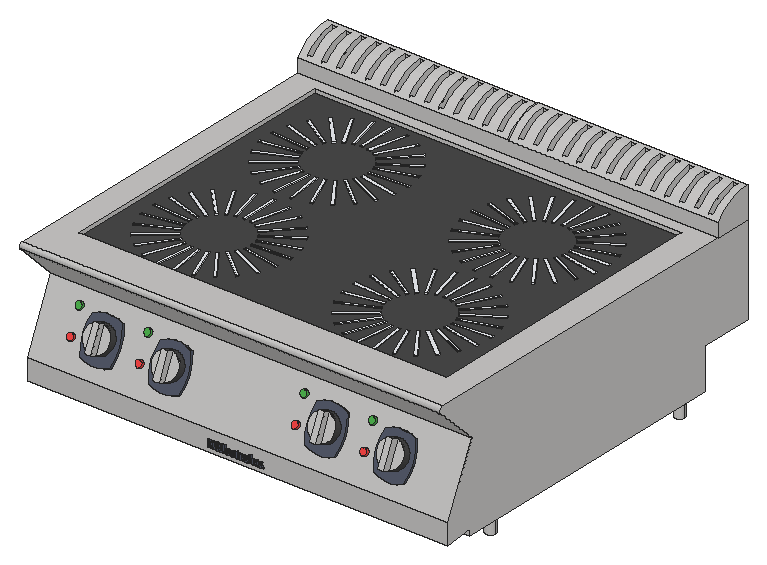
Revit family "QF_ELECTROLUXPROFESSIONAL_371132_E7INEH400N", category Specialty Equipment, Revit 2018
Family settings
  Round Connector Dimension = Use Diameter
  Part Type = Normal
  Work Plane-Based = No
  Always vertical = Yes
  Cut with Voids When Loaded = No
  Shared = No
  Room Calculation Point = No
Parameters
  Width = 800 mm  # constant formula
  Weight in Pounds = 88  # constant formula
  Watts = 14000 VA  # 14000 W
  Volts = 230 V  # constant formula
  URL Cutsheet = "www.electrolux.com/foodservice"
  URL = "www.electrolux.com/foodservice"
  Type Mark [instance] = ""
  Status [instance] = ""
  Specification by User [instance] = ""
  Specification by Manufacturer = ""
  Show Logo [instance] = yes
  Show Clearance [instance] = yes
  Serial Number = ""
  Seismic Rating = ""
  SMACNA No = ""
  Revision Code [instance] = ""
  Phase = 3  # constant formula
  Omniclass Number and Title = ""
  Number of Poles [instance] = 1
  NAFEM Spec ID Number = ""
  Model = "371132"
  Min Ckt Ampacity = 0 A
  Max Overcurrent Protection = 0 A
  Masterspec = ""
  Manufacturer = "ELECTROLUX"
  Item Number [instance] = ""
  Installed By [instance] = ""
  Identify Quantity as Lot [instance] = yes
  Height = 332 mm  # constant formula
  HP = "18.8 HP"
  Furnished By [instance] = ""
  Foodservice Equipment Identifier [instance] = yes
  FL Amps = if(Phase = 3, Watts / (Volts * 1.73), Watts / Volts)  # 35.1847 A
  Electrical Remarks [instance] = "230 V/3 ph/50/60 Hz"  # constant formula
  Electric Connection Type [instance] = ""
  Elec Conn RI Height [instance] = 0 mm
  Elec Conn Connection Height [instance] = 0 mm
  Direct Waste Size = 0"
  Description = "700XP 4 Zone Hot Plate Electric Induction Cooking Top Range - 230V"
  Depth = 730 mm  # constant formula
  Cycle = if([60 Hertz Option], 60 Hz, 50 Hz)  # 60 Hz
  Conn Plug = ""
  Conn Conduit = yes
  CSI MasterFormat = ""
  CSI Master Format = ""
  Base Height [instance] = 24 mm  # constant formula
  Apparent Power = if(Phase = 3, Volts * FL Amps * 1.73, Volts * FL Amps)  # 14000 VA
  60 Hertz Option = not([50 Hertz Option])  # yes
  50 Hertz Option = no
Reference planes
  plane 1 "BACK": y = 0
  plane 2: z = 0
  plane 3 "LEFT": x = 0
  plane 4 "RIGHT": x = 800
  plane 5 "FRONT": y = -730
  plane 6 "TOP": z = 332
  plane 7 "Center Y": x = 400
  plane 8 "Center X": y = -365
  plane 9 "BASE": z = 24
  plane 10 "TOP A": z = 273.238
  plane 11: y = -597.884
  plane 12: y = -147.637
Forms (mm)
  Extrusion 1, solid, material "QF_Finishes_Stainless Steel"
    sketch origin (0, 0, 0) x (0, 1, 0) y (0, 0, 1)
      loop
        line (0, 273.237) -> (-725.027, 273.237)
        arc (-725.027, 273.237) -> (-730.893, 269.318) -> (-729.517, 262.397) r 6.35
        line (-729.517, 262.397) -> (-657.416, 190.047) -> (-713.522, 69.19) -> (-713.522, 31.09) -> (-660.4, 36.7) -> (-660.4, 24) -> (-101.6, 24) -> (-101.6, 101.788) -> (0, 101.788) -> (0, 273.237)
    from 0 to 800
  Extrusion 2, void
    sketch origin (0, 0, 273.238) x (-1, 0, 0) y (0, -1, 0)
      loop
        line (-50, 93.262) -> (-50, 653.262) -> (-750, 653.262) -> (-750, 93.262) -> (-50, 93.262)
    from 0 to -6.35
  Extrusion 3, solid, material "QF_Finishes_Stainless Steel"
    sketch origin (0, 0, 0) x (1, 0, 0) y (0, 1, 0)
      loop
        circle (11.112, -147.638) r 9.525
      loop
        circle (11.112, -597.884) r 9.525
      loop
        circle (788.887, -147.638) r 9.525
      loop
        circle (788.887, -597.884) r 9.525
    from 0 to 24
  Extrusion 4, solid, material "QF_Finishes_Navy Blue"
    sketch origin (-40.325, -713.522, 69.19) x (0, 0.421077, 0.907025) y (-1, 0, 0)
      loop
        arc (101.077, -132.565) -> (66.2, -125.548) -> (31.333, -132.61) r 89.894
        arc (31.333, -132.61) -> (24.638, -161.14) -> (31.333, -189.671) r 64.14
        arc (31.333, -189.671) -> (66.2, -196.736) -> (101.077, -189.715) r 89.853
        arc (101.077, -189.715) -> (107.792, -161.14) -> (101.077, -132.565) r 64.16
    from 0 to 3.175
  Extrusion 5, solid, material "QF_Finishes_Stainless Steel"
    sketch origin (-40.325, -716.402, 70.527) x (0, 0.421077, 0.907025) y (-1, 0, 0)
      loop
        circle (68.826, -160.963) r 25.4
    from 0 to 12.7
  Extrusion 6, solid, material "QF_Finishes_Stainless Steel"
    sketch origin (-40.325, -727.921, 75.875) x (0, 0.421077, 0.907025) y (-1, 0, 0)
      loop
        arc (93.558, -166.749) -> (94.226, -160.963) -> (93.558, -155.177) r 25.4
        line (93.558, -155.177) -> (44.094, -155.177)
        arc (44.094, -155.177) -> (43.426, -160.963) -> (44.094, -166.749) r 25.4
        line (44.094, -166.749) -> (93.558, -166.749)
    from 0 to 12.7
  Extrusion 7, solid, material "QF_Finishes_Green"
    sketch origin (-95, -709.311, 78.261) x (0, 0.421077, 0.907025) y (-1, 0, 0)
      loop
        circle (93.566, -160.648) r 6.35
    from 0 to 3.175
  Extrusion 8, solid, material "QF_Finishes_Red"
    sketch origin (-95, -719.312, 56.719) x (0, 0.421077, 0.907025) y (-1, 0, 0)
      loop
        circle (68.272, -160.648) r 6.4
    from 0 to 3.175
  Extrusion 9, solid, material "QF_Finishes_Stainless Steel"
    sketch origin (0, -101.6, 101.788) x (0, 0, -1) y (-1, 0, 0)
      loop
        circle (43.882, -736.5) r 12.7
    from 0 to 12.7
  Extrusion 10, solid, material "QF_Finishes_Clearance", visible <- "Show Clearance", detail levels coarse
    sketch origin (0, 0, 0) x (1, 0, 0) y (0, 1, 0)
      loop
        line (0, -731.377) -> (0, 0) -> (800, 0) -> (800, -731.377) -> (950.019, -731.377) -> (950.019, 150.019) -> (-150.019, 150.019) -> (-150.019, -731.377) -> (0, -731.377)
    from 0 to 332
  Extrusion 11, solid, material "QF_Finishes_Stainless Steel"
    sketch origin (0, 0, -1.4) x (0, 1, 0) y (0, 0, 1)
      loop
        line (0, 274.638) -> (0, 333.375)
        arc (0, 333.375) -> (-38.879, 324.991) -> (-69.85, 300.038) r 86.156
        line (-69.85, 300.038) -> (-69.85, 274.638) -> (0, 274.638)
    from 0 to 800.1
  Extrusion 12, void
    sketch origin (0, 0, 273.238) x (-1, 0, 0) y (0, -1, 0)
      loop
        line (-13.453, 6.761) -> (-13.453, 63.911) -> (-22.749, 63.911) -> (-22.749, 6.761) -> (-13.453, 6.761)
    from 25.4 to 63.5
  Extrusion 13, void
    sketch origin (361.95, 0, 273.238) x (-1, 0, 0) y (0, -1, 0)
      loop
        line (-13.453, 6.761) -> (-13.453, 63.911) -> (-22.749, 63.911) -> (-22.749, 6.761) -> (-13.453, 6.761)
    from 25.4 to 63.5
  Extrusion 14, void
    sketch origin (27.842, 0, 273.238) x (-1, 0, 0) y (0, -1, 0)
      loop
        line (-13.453, 6.761) -> (-13.453, 63.911) -> (-22.749, 63.911) -> (-22.749, 6.761) -> (-13.453, 6.761)
    from 25.4 to 63.5
  Extrusion 15, void
    sketch origin (55.685, 0, 273.238) x (-1, 0, 0) y (0, -1, 0)
      loop
        line (-13.453, 6.761) -> (-13.453, 63.911) -> (-22.749, 63.911) -> (-22.749, 6.761) -> (-13.453, 6.761)
    from 25.4 to 63.5
  Extrusion 16, void
    sketch origin (83.527, 0, 273.238) x (-1, 0, 0) y (0, -1, 0)
      loop
        line (-13.453, 6.761) -> (-13.453, 63.911) -> (-22.749, 63.911) -> (-22.749, 6.761) -> (-13.453, 6.761)
    from 25.4 to 63.5
  Extrusion 17, void
    sketch origin (111.369, 0, 273.238) x (-1, 0, 0) y (0, -1, 0)
      loop
        line (-13.453, 6.761) -> (-13.453, 63.911) -> (-22.749, 63.911) -> (-22.749, 6.761) -> (-13.453, 6.761)
    from 25.4 to 63.5
  Extrusion 18, void
    sketch origin (139.212, 0, 273.238) x (-1, 0, 0) y (0, -1, 0)
      loop
        line (-13.453, 6.761) -> (-13.453, 63.911) -> (-22.749, 63.911) -> (-22.749, 6.761) -> (-13.453, 6.761)
    from 25.4 to 63.5
  Extrusion 19, void
    sketch origin (167.054, 0, 273.238) x (-1, 0, 0) y (0, -1, 0)
      loop
        line (-13.453, 6.761) -> (-13.453, 63.911) -> (-22.749, 63.911) -> (-22.749, 6.761) -> (-13.453, 6.761)
    from 25.4 to 63.5
  Extrusion 20, void
    sketch origin (194.896, 0, 273.238) x (-1, 0, 0) y (0, -1, 0)
      loop
        line (-13.453, 6.761) -> (-13.453, 63.911) -> (-22.749, 63.911) -> (-22.749, 6.761) -> (-13.453, 6.761)
    from 25.4 to 63.5
  Extrusion 21, void
    sketch origin (222.738, 0, 273.238) x (-1, 0, 0) y (0, -1, 0)
      loop
        line (-13.453, 6.761) -> (-13.453, 63.911) -> (-22.749, 63.911) -> (-22.749, 6.761) -> (-13.453, 6.761)
    from 25.4 to 63.5
  Extrusion 22, void
    sketch origin (250.581, 0, 273.238) x (-1, 0, 0) y (0, -1, 0)
      loop
        line (-13.453, 6.761) -> (-13.453, 63.911) -> (-22.749, 63.911) -> (-22.749, 6.761) -> (-13.453, 6.761)
    from 25.4 to 63.5
  Extrusion 23, void
    sketch origin (278.423, 0, 273.238) x (-1, 0, 0) y (0, -1, 0)
      loop
        line (-13.453, 6.761) -> (-13.453, 63.911) -> (-22.749, 63.911) -> (-22.749, 6.761) -> (-13.453, 6.761)
    from 25.4 to 63.5
  Extrusion 24, void
    sketch origin (306.265, 0, 273.238) x (-1, 0, 0) y (0, -1, 0)
      loop
        line (-13.453, 6.761) -> (-13.453, 63.911) -> (-22.749, 63.911) -> (-22.749, 6.761) -> (-13.453, 6.761)
    from 25.4 to 63.5
  Extrusion 25, void
    sketch origin (334.108, 0, 273.238) x (-1, 0, 0) y (0, -1, 0)
      loop
        line (-13.453, 6.761) -> (-13.453, 63.911) -> (-22.749, 63.911) -> (-22.749, 6.761) -> (-13.453, 6.761)
    from 25.4 to 63.5
  Extrusion 26, void
    sketch origin (800.1, 0, 273.238) x (1, 0, 0) y (0, 1, 0)
      loop
        line (-13.453, -6.761) -> (-22.749, -6.761) -> (-22.749, -63.911) -> (-13.453, -63.911) -> (-13.453, -6.761)
    from 25.4 to 63.5
  Extrusion 27, void
    sketch origin (438.15, 0, 273.238) x (1, 0, 0) y (0, 1, 0)
      loop
        line (-13.453, -6.761) -> (-22.749, -6.761) -> (-22.749, -63.911) -> (-13.453, -63.911) -> (-13.453, -6.761)
    from 25.4 to 63.5
  Extrusion 28, void
    sketch origin (772.258, 0, 273.238) x (1, 0, 0) y (0, 1, 0)
      loop
        line (-13.453, -6.761) -> (-22.749, -6.761) -> (-22.749, -63.911) -> (-13.453, -63.911) -> (-13.453, -6.761)
    from 25.4 to 63.5
  Extrusion 29, void
    sketch origin (744.415, 0, 273.238) x (1, 0, 0) y (0, 1, 0)
      loop
        line (-13.453, -6.761) -> (-22.749, -6.761) -> (-22.749, -63.911) -> (-13.453, -63.911) -> (-13.453, -6.761)
    from 25.4 to 63.5
  Extrusion 30, void
    sketch origin (716.573, 0, 273.238) x (1, 0, 0) y (0, 1, 0)
      loop
        line (-13.453, -6.761) -> (-22.749, -6.761) -> (-22.749, -63.911) -> (-13.453, -63.911) -> (-13.453, -6.761)
    from 25.4 to 63.5
  Extrusion 31, void
    sketch origin (688.731, 0, 273.238) x (1, 0, 0) y (0, 1, 0)
      loop
        line (-13.453, -6.761) -> (-22.749, -6.761) -> (-22.749, -63.911) -> (-13.453, -63.911) -> (-13.453, -6.761)
    from 25.4 to 63.5
  Extrusion 32, void
    sketch origin (660.888, 0, 273.238) x (1, 0, 0) y (0, 1, 0)
      loop
        line (-13.453, -6.761) -> (-22.749, -6.761) -> (-22.749, -63.911) -> (-13.453, -63.911) -> (-13.453, -6.761)
    from 25.4 to 63.5
  Extrusion 33, void
    sketch origin (633.046, 0, 273.238) x (1, 0, 0) y (0, 1, 0)
      loop
        line (-13.453, -6.761) -> (-22.749, -6.761) -> (-22.749, -63.911) -> (-13.453, -63.911) -> (-13.453, -6.761)
    from 25.4 to 63.5
  Extrusion 34, void
    sketch origin (605.204, 0, 273.238) x (1, 0, 0) y (0, 1, 0)
      loop
        line (-13.453, -6.761) -> (-22.749, -6.761) -> (-22.749, -63.911) -> (-13.453, -63.911) -> (-13.453, -6.761)
    from 25.4 to 63.5
  Extrusion 35, void
    sketch origin (577.362, 0, 273.238) x (1, 0, 0) y (0, 1, 0)
      loop
        line (-13.453, -6.761) -> (-22.749, -6.761) -> (-22.749, -63.911) -> (-13.453, -63.911) -> (-13.453, -6.761)
    from 25.4 to 63.5
  Extrusion 36, void
    sketch origin (549.519, 0, 273.238) x (1, 0, 0) y (0, 1, 0)
      loop
        line (-13.453, -6.761) -> (-22.749, -6.761) -> (-22.749, -63.911) -> (-13.453, -63.911) -> (-13.453, -6.761)
    from 25.4 to 63.5
  Extrusion 37, void
    sketch origin (521.677, 0, 273.238) x (1, 0, 0) y (0, 1, 0)
      loop
        line (-13.453, -6.761) -> (-22.749, -6.761) -> (-22.749, -63.911) -> (-13.453, -63.911) -> (-13.453, -6.761)
    from 25.4 to 63.5
  Extrusion 38, void
    sketch origin (493.835, 0, 273.238) x (1, 0, 0) y (0, 1, 0)
      loop
        line (-13.453, -6.761) -> (-22.749, -6.761) -> (-22.749, -63.911) -> (-13.453, -63.911) -> (-13.453, -6.761)
    from 25.4 to 63.5
  Extrusion 39, void
    sketch origin (465.992, 0, 273.238) x (1, 0, 0) y (0, 1, 0)
      loop
        line (-13.453, -6.761) -> (-22.749, -6.761) -> (-22.749, -63.911) -> (-13.453, -63.911) -> (-13.453, -6.761)
    from 25.4 to 63.5
  Extrusion 40, void
    sketch origin (418.151, 0, 273.238) x (1, 0, 0) y (0, 1, 0)
      loop
        line (-16.513, 0) -> (-19.688, 0) -> (-19.688, -69.85) -> (-16.513, -69.85) -> (-16.513, 0)
    from 25.4 to 63.5
  Extrusion 41, solid, material "QF_Finishes_Navy Blue", visible <- "Show Logo"
    sketch origin (57.747, -713.772, 32.49) x (0, 0, 1) y (-1, 0, 0)
      loop
        line (20.674, -296.698) -> (8.307, -296.698)
        arc (8.307, -296.698) -> (14.491, -301.27) -> (20.674, -296.698) r 6.467
      loop
        arc (20.674, -296.069) -> (19.505, -290.926) -> (14.849, -288.448) r 6.338
        line (14.849, -288.448) -> (14.849, -290.494)
        arc (14.849, -290.494) -> (16.333, -294.149) -> (19.778, -296.069) r 5.941
        line (19.778, -296.069) -> (20.674, -296.069)
      loop
        arc (9.203, -296.069) -> (12.648, -294.149) -> (14.132, -290.494) r 5.941
        line (14.132, -290.494) -> (14.132, -288.448)
        arc (14.132, -288.448) -> (9.438, -290.922) -> (8.148, -296.069) r 6.504
        line (8.148, -296.069) -> (9.203, -296.069)
      loop
        line (21.349, -287.979) -> (7.604, -287.979) -> (7.604, -301.742) -> (21.349, -301.742) -> (21.349, -287.979)
      loop
        arc (21.432, -304.71) -> (21.085, -304.352) -> (20.718, -304.69) r 0.358
        arc (20.718, -304.69) -> (20.404, -305.44) -> (19.687, -305.825) r 1.216
        line (19.687, -305.825) -> (9.274, -305.825)
        arc (9.274, -305.825) -> (8.614, -305.548) -> (8.218, -304.951) r 1.238
        arc (8.218, -304.951) -> (7.823, -304.7) -> (7.518, -305.054) r 0.358
        line (7.518, -305.054) -> (7.518, -314.933) -> (10.269, -314.933) -> (10.269, -314.036)
        arc (10.269, -314.036) -> (9.36, -313.456) -> (8.904, -312.479) r 1.928
        line (8.904, -312.479) -> (8.904, -309.98)
        arc (8.904, -309.98) -> (9.18, -309.251) -> (9.868, -308.887) r 1.101
        line (9.868, -308.887) -> (13.955, -308.887) -> (13.955, -312.561)
        arc (13.955, -312.561) -> (13.602, -313.058) -> (13.037, -313.286) r 1.083
        arc (13.037, -313.286) -> (12.773, -313.591) -> (13.065, -313.869) r 0.292
        line (13.065, -313.869) -> (16.028, -313.869)
        arc (16.028, -313.869) -> (16.33, -313.596) -> (16.092, -313.266) r 0.305
        arc (16.092, -313.266) -> (15.601, -313.018) -> (15.296, -312.561) r 1.083
        line (15.296, -312.561) -> (15.296, -308.887) -> (19.973, -308.887) -> (19.973, -312.635)
        arc (19.973, -312.635) -> (19.759, -313.39) -> (19.153, -313.888) r 1.314
        arc (19.153, -313.888) -> (18.934, -314.292) -> (19.288, -314.585) r 0.361
        line (19.288, -314.585) -> (21.432, -314.585) -> (21.432, -304.71)
      loop
        arc (20.715, -315.365) -> (20.335, -316.284) -> (19.416, -316.664) r 1.299
        line (19.416, -316.664) -> (9.837, -316.664)
        arc (9.837, -316.664) -> (8.999, -316.286) -> (8.728, -315.408) r 1.118
        line (8.728, -315.408) -> (7.518, -315.408) -> (7.518, -320.758) -> (8.706, -320.758)
        arc (8.706, -320.758) -> (8.978, -319.841) -> (9.848, -319.445) r 1.153
        line (9.848, -319.445) -> (21.92, -319.445) -> (20.715, -315.365)
      loop
        line (12.483, -323.394) -> (12.483, -329.842) -> (13.282, -329.842)
        arc (13.282, -329.842) -> (15.862, -328.857) -> (17.131, -326.404) r 3.874
        line (17.131, -326.404) -> (17.131, -324.643)
        arc (17.131, -324.643) -> (15.944, -321.778) -> (13.08, -320.592) r 4.051
        line (13.08, -320.592) -> (11.072, -320.592)
        arc (11.072, -320.592) -> (8.253, -322.077) -> (7.202, -325.084) r 4.352
        arc (7.202, -325.084) -> (7.566, -327.547) -> (8.943, -329.621) r 5.713
        line (8.943, -329.621) -> (9.892, -329.621)
        arc (9.892, -329.621) -> (9.16, -328.052) -> (8.943, -326.334) r 5.579
        arc (8.943, -326.334) -> (9.737, -324.371) -> (11.616, -323.394) r 3.057
        line (11.616, -323.394) -> (12.483, -323.394)
      loop
        line (13.742, -323.394) -> (13.742, -326.977)
        arc (13.742, -326.977) -> (15.199, -327.024) -> (16.082, -325.864) r 1.59
        line (16.082, -325.864) -> (16.082, -325.034)
        arc (16.082, -325.034) -> (15.217, -323.779) -> (13.742, -323.394) r 2.184
      loop
        arc (16.533, -339.259) -> (17.022, -337.585) -> (17.179, -335.848) r 9.023
        line (17.179, -335.848) -> (17.179, -334.486)
        arc (17.179, -334.486) -> (16.02, -331.686) -> (13.22, -330.527) r 3.959
        line (13.22, -330.527) -> (10.62, -330.527)
        arc (10.62, -330.527) -> (8.338, -331.819) -> (7.221, -334.192) r 4.331
        line (7.221, -334.192) -> (7.221, -336.327)
        arc (7.221, -336.327) -> (7.729, -337.877) -> (8.651, -339.223) r 5.772
        arc (8.651, -339.223) -> (9.412, -339.274) -> (9.499, -338.515) r 0.553
        arc (9.499, -338.515) -> (9.111, -337.781) -> (8.977, -336.962) r 2.573
        line (8.977, -336.962) -> (8.977, -335.447)
        arc (8.977, -335.447) -> (9.983, -333.806) -> (11.798, -333.163) r 2.884
        line (11.798, -333.163) -> (13.077, -333.163)
        arc (13.077, -333.163) -> (14.898, -333.723) -> (15.824, -335.388) r 2.554
        line (15.824, -335.388) -> (15.824, -336.441)
        arc (15.824, -336.441) -> (15.493, -337.369) -> (14.836, -338.104) r 2.564
        arc (14.836, -338.104) -> (14.614, -338.821) -> (15.223, -339.259) r 0.643
        line (15.223, -339.259) -> (16.533, -339.259)
      loop
        line (15.515, -339.53) -> (15.515, -341.031) -> (9.467, -341.031)
        arc (9.467, -341.031) -> (7.879, -341.688) -> (7.221, -343.276) r 2.246
        line (7.221, -343.276) -> (7.221, -344.86)
        arc (7.221, -344.86) -> (7.535, -345.725) -> (8.035, -346.496) r 4.06
        arc (8.035, -346.496) -> (8.768, -346.629) -> (9.019, -345.928) r 0.576
        arc (9.019, -345.928) -> (8.913, -345.403) -> (8.977, -344.87) r 1.69
        arc (8.977, -344.87) -> (9.519, -344.082) -> (10.425, -343.779) r 1.506
        line (10.425, -343.779) -> (15.563, -343.779) -> (15.563, -346.176) -> (16.119, -346.733) -> (16.941, -346.733) -> (16.941, -343.873) -> (20.172, -343.873) -> (15.515, -339.53)
      loop
        line (7.438, -347.63) -> (7.438, -353.017) -> (8.548, -353.017)
        arc (8.548, -353.017) -> (8.942, -352.066) -> (9.893, -351.672) r 1.345
        line (9.893, -351.672) -> (13.509, -351.672)
        arc (13.509, -351.672) -> (14.274, -352.264) -> (14.564, -353.186) r 1.615
        line (14.564, -353.186) -> (14.564, -354.742) -> (17.119, -355.427) -> (17.119, -354.044) -> (15.177, -351.485) -> (17.057, -351.485) -> (16.773, -348.779)
        arc (16.773, -348.779) -> (16.333, -348.249) -> (15.674, -348.45) r 0.621
        arc (15.674, -348.45) -> (15.274, -348.792) -> (14.78, -348.975) r 1.501
        line (14.78, -348.975) -> (9.893, -348.975)
        arc (9.893, -348.975) -> (8.942, -348.581) -> (8.548, -347.63) r 1.345
        line (8.548, -347.63) -> (7.438, -347.63)
      loop
        line (13.54, -354.964) -> (10.848, -354.964)
        arc (10.848, -354.964) -> (8.403, -356.272) -> (7.269, -358.803) r 4.288
        arc (7.269, -358.803) -> (7.205, -360.183) -> (7.269, -361.563) r 15.022
        arc (7.269, -361.563) -> (8.403, -364.094) -> (10.848, -365.401) r 4.288
        line (10.848, -365.401) -> (13.54, -365.401)
        arc (13.54, -365.401) -> (15.986, -364.094) -> (17.119, -361.563) r 4.288
        arc (17.119, -361.563) -> (17.183, -360.183) -> (17.119, -358.803) r 15.022
        arc (17.119, -358.803) -> (15.986, -356.272) -> (13.54, -354.964) r 4.288
      loop
        line (13.745, -358.078) -> (10.643, -358.078)
        arc (10.643, -358.078) -> (8.486, -360.235) -> (10.643, -362.392) r 2.157
        line (10.643, -362.392) -> (13.745, -362.392)
        arc (13.745, -362.392) -> (15.902, -360.235) -> (13.745, -358.078) r 2.157
      loop
        arc (20.726, -365.26) -> (20.355, -366.154) -> (19.461, -366.524) r 1.264
        line (19.461, -366.524) -> (9.597, -366.524)
        arc (9.597, -366.524) -> (8.727, -366.127) -> (8.455, -365.211) r 1.153
        line (8.455, -365.211) -> (7.518, -365.211) -> (7.518, -370.319) -> (8.446, -370.319)
        arc (8.446, -370.319) -> (8.805, -369.547) -> (9.597, -369.232) r 1.153
        line (9.597, -369.232) -> (21.92, -369.232) -> (20.726, -365.26)
      loop
        arc (15.846, -369.857) -> (15.647, -370.921) -> (14.678, -371.403) r 1.215
        line (14.678, -371.403) -> (9.658, -371.403)
        arc (9.658, -371.403) -> (8.043, -372.051) -> (7.322, -373.634) r 2.338
        line (7.322, -373.634) -> (7.322, -375.148)
        arc (7.322, -375.148) -> (7.497, -376.152) -> (7.999, -377.038) r 2.979
        line (7.999, -377.038) -> (7.518, -378.835) -> (7.518, -380.524) -> (16.943, -380.524) -> (16.649, -376.32) -> (15.863, -376.32)
        arc (15.863, -376.32) -> (15.507, -377.156) -> (14.755, -377.665) r 1.605
        line (14.755, -377.665) -> (9.652, -377.665)
        arc (9.652, -377.665) -> (9.232, -376.728) -> (9.159, -375.704) r 2.94
        arc (9.159, -375.704) -> (9.72, -374.603) -> (10.873, -374.16) r 1.724
        line (10.873, -374.16) -> (17.07, -374.16) -> (15.846, -369.857)
      loop
        line (16.874, -381.377) -> (15.202, -383.423) -> (12.028, -385.729) -> (8.572, -382.617)
        arc (8.572, -382.617) -> (8.335, -382.223) -> (8.357, -381.764) r 0.789
        line (8.357, -381.764) -> (7.518, -381.764) -> (7.518, -385.309) -> (8.344, -385.309)
        arc (8.344, -385.309) -> (8.686, -384.947) -> (9.176, -385.039) r 0.52
        line (9.176, -385.039) -> (10.976, -386.51) -> (8.858, -387.886)
        arc (8.858, -387.886) -> (8.457, -387.576) -> (8.37, -387.076) r 0.7
        line (8.37, -387.076) -> (7.518, -387.076) -> (7.518, -393.003) -> (8.405, -393.003)
        arc (8.405, -393.003) -> (8.472, -392.344) -> (8.866, -391.813) r 1.247
        line (8.866, -391.813) -> (13.066, -388.532) -> (15.513, -390.585) -> (16.874, -392.327) -> (16.874, -388.604) -> (15.389, -389.026) -> (13.868, -387.749) -> (15.568, -386.559) -> (16.874, -387.336) -> (16.874, -381.377)
    from 0 to 1.644
  Extrusion 42, solid, material "QF_Finishes_Navy Blue"
    sketch origin (90.31, -713.522, 69.19) x (0, 0.421077, 0.907025) y (-1, 0, 0)
      loop
        arc (101.077, -132.565) -> (66.2, -125.548) -> (31.333, -132.61) r 89.894
        arc (31.333, -132.61) -> (24.638, -161.14) -> (31.333, -189.671) r 64.14
        arc (31.333, -189.671) -> (66.2, -196.736) -> (101.077, -189.715) r 89.853
        arc (101.077, -189.715) -> (107.792, -161.14) -> (101.077, -132.565) r 64.16
    from 0 to 3.175
  Extrusion 43, solid, material "QF_Finishes_Stainless Steel"
    sketch origin (90.31, -716.402, 70.527) x (0, 0.421077, 0.907025) y (-1, 0, 0)
      loop
        circle (68.826, -160.963) r 25.4
    from 0 to 12.7
  Extrusion 44, solid, material "QF_Finishes_Stainless Steel"
    sketch origin (90.31, -727.921, 75.875) x (0, 0.421077, 0.907025) y (-1, 0, 0)
      loop
        arc (93.558, -166.749) -> (94.226, -160.963) -> (93.558, -155.177) r 25.4
        line (93.558, -155.177) -> (44.094, -155.177)
        arc (44.094, -155.177) -> (43.426, -160.963) -> (44.094, -166.749) r 25.4
        line (44.094, -166.749) -> (93.558, -166.749)
    from 0 to 12.7
  Extrusion 45, solid, material "QF_Finishes_Green"
    sketch origin (35.635, -709.311, 78.261) x (0, 0.421077, 0.907025) y (-1, 0, 0)
      loop
        circle (93.566, -160.648) r 6.35
    from 0 to 3.175
  Extrusion 46, solid, material "QF_Finishes_Red"
    sketch origin (35.635, -719.312, 56.719) x (0, 0.421077, 0.907025) y (-1, 0, 0)
      loop
        circle (68.272, -160.648) r 6.4
    from 0 to 3.175
  Extrusion 47, solid, material "QF_Finishes_Navy Blue"
    sketch origin (840.325, -713.522, 69.19) x (0, 0.421077, 0.907025) y (-1, 0, 0)
      loop
        arc (101.077, 132.565) -> (107.792, 161.14) -> (101.077, 189.715) r 64.16
        arc (101.077, 189.715) -> (66.2, 196.736) -> (31.333, 189.671) r 89.853
        arc (31.333, 189.671) -> (24.638, 161.14) -> (31.333, 132.61) r 64.14
        arc (31.333, 132.61) -> (66.2, 125.548) -> (101.077, 132.565) r 89.894
    from 0 to 3.175
  Extrusion 48, solid, material "QF_Finishes_Stainless Steel"
    sketch origin (840.325, -716.402, 70.527) x (0, 0.421077, 0.907025) y (-1, 0, 0)
      loop
        circle (68.826, 160.963) r 25.4
    from 0 to 12.7
  Extrusion 49, solid, material "QF_Finishes_Stainless Steel"
    sketch origin (840.325, -727.921, 75.875) x (0, 0.421077, 0.907025) y (-1, 0, 0)
      loop
        line (93.558, 166.749) -> (44.094, 166.749)
        arc (44.094, 166.749) -> (43.426, 160.963) -> (44.094, 155.177) r 25.4
        line (44.094, 155.177) -> (93.558, 155.177)
        arc (93.558, 155.177) -> (94.226, 160.963) -> (93.558, 166.749) r 25.4
    from 0 to 12.7
  Extrusion 50, solid, material "QF_Finishes_Navy Blue"
    sketch origin (709.69, -713.522, 69.19) x (0, 0.421077, 0.907025) y (-1, 0, 0)
      loop
        arc (101.077, 132.565) -> (107.792, 161.14) -> (101.077, 189.715) r 64.16
        arc (101.077, 189.715) -> (66.2, 196.736) -> (31.333, 189.671) r 89.853
        arc (31.333, 189.671) -> (24.638, 161.14) -> (31.333, 132.61) r 64.14
        arc (31.333, 132.61) -> (66.2, 125.548) -> (101.077, 132.565) r 89.894
    from 0 to 3.175
  Extrusion 51, solid, material "QF_Finishes_Stainless Steel"
    sketch origin (709.69, -716.402, 70.527) x (0, 0.421077, 0.907025) y (-1, 0, 0)
      loop
        circle (68.826, 160.963) r 25.4
    from 0 to 12.7
  Extrusion 52, solid, material "QF_Finishes_Stainless Steel"
    sketch origin (709.69, -727.921, 75.875) x (0, 0.421077, 0.907025) y (-1, 0, 0)
      loop
        line (93.558, 166.749) -> (44.094, 166.749)
        arc (44.094, 166.749) -> (43.426, 160.963) -> (44.094, 155.177) r 25.4
        line (44.094, 155.177) -> (93.558, 155.177)
        arc (93.558, 155.177) -> (94.226, 160.963) -> (93.558, 166.749) r 25.4
    from 0 to 12.7
  Extrusion 53, solid, material "QF_Finishes_Green"
    sketch origin (332.734, -709.311, 78.261) x (0, 0.421077, 0.907025) y (-1, 0, 0)
      loop
        circle (93.566, -160.648) r 6.35
    from 0 to 3.175
  Extrusion 54, solid, material "QF_Finishes_Red"
    sketch origin (332.734, -719.312, 56.719) x (0, 0.421077, 0.907025) y (-1, 0, 0)
      loop
        circle (68.272, -160.648) r 6.4
    from 0 to 3.175
  Extrusion 55, solid, material "QF_Finishes_Green"
    sketch origin (463.369, -709.311, 78.261) x (0, 0.421077, 0.907025) y (-1, 0, 0)
      loop
        circle (93.566, -160.648) r 6.35
    from 0 to 3.175
  Extrusion 56, solid, material "QF_Finishes_Red"
    sketch origin (463.369, -719.312, 56.719) x (0, 0.421077, 0.907025) y (-1, 0, 0)
      loop
        circle (68.272, -160.648) r 6.4
    from 0 to 3.175
Cuts and joins
  Extrusion 2, Extrusion 12, Extrusion 13, Extrusion 14, Extrusion 15, Extrusion 16, Extrusion 17, Extrusion 18, Extrusion 19, Extrusion 20, Extrusion 21, Extrusion 22, Extrusion 23, Extrusion 24, Extrusion 25, Extrusion 26, Extrusion 27, Extrusion 28, Extrusion 29, Extrusion 30, Extrusion 31, Extrusion 32, Extrusion 33, Extrusion 34, Extrusion 35, Extrusion 36, Extrusion 37, Extrusion 38, Extrusion 39, Extrusion 40 cuts Extrusion 1
  joined: Extrusion 5, Extrusion 6
  Extrusion 12 cuts Extrusion 10
  Extrusion 12, Extrusion 13, Extrusion 14, Extrusion 15, Extrusion 16, Extrusion 17, Extrusion 18, Extrusion 19, Extrusion 20, Extrusion 21, Extrusion 22, Extrusion 23, Extrusion 24, Extrusion 25, Extrusion 26, Extrusion 27, Extrusion 28, Extrusion 29, Extrusion 30, Extrusion 31, Extrusion 32, Extrusion 33, Extrusion 34, Extrusion 35, Extrusion 36, Extrusion 37, Extrusion 38, Extrusion 39, Extrusion 40 cuts Extrusion 11
Lines and regions (mm)
  symbolic lines, style "QF-Clearances", visible <- "Show Clearance", detail levels coarse
    curve 1: line (-150.019, 150.019, 273.238) -> (-150.019, -731.377, 273.238)
    curve 2: line (950.019, 150.019, 273.237) -> (-150.019, 150.019, 273.238)
    curve 3: line (950.019, -731.377, 273.237) -> (950.019, 150.019, 273.237)
  symbolic lines
    curve 4: line (0, 0, 273.238) -> (800, 0, 273.237)
    curve 5: line (0, -730, 273.238) -> (0, 0, 273.238)
    curve 6: line (800, 0, 273.237) -> (800, -730, 273.237)
    curve 7: line (231.725, -69.85, 273.237) -> (0, -69.85, 273.238)
    curve 8: line (0, -69.85, 273.238) -> (0, -120.65, 273.238)
    curve 9: line (0, -69.85, 273.238) -> (398.546, -69.85, 273.237)
    curve 10: line (800, -730, 273.237) -> (0, -730, 273.238)
    curve 11: line (726.512, -356.903, 266.887) -> (738.006, -356.903, 266.887)
    curve 12: line (726.512, -389.159, 266.887) -> (726.512, -356.903, 266.887)
    curve 13: line (738.006, -389.159, 266.887) -> (726.512, -389.159, 266.887)
    curve 14: line (738.006, -356.903, 266.887) -> (738.006, -389.159, 266.887)
    curve 15: line (50, -653.262, 266.888) -> (50, -93.262, 266.888)
    curve 16: line (50, -93.262, 266.888) -> (750, -93.262, 266.887)
    curve 17: line (750, -93.262, 266.887) -> (750, -653.262, 266.887)
    curve 18: line (750, -653.262, 266.887) -> (50, -653.262, 266.888)
    curve 19: line (13.453, -63.911, 266.888) -> (13.453, -6.761, 266.888)
    curve 20: line (13.453, -6.761, 266.888) -> (22.749, -6.761, 266.888)
    curve 21: line (22.749, -6.761, 266.888) -> (22.749, -63.911, 266.888)
    curve 22: line (22.749, -63.911, 266.888) -> (13.453, -63.911, 266.888)
    curve 23: line (375.403, -63.911, 266.887) -> (375.403, -6.761, 266.887)
    curve 24: line (375.403, -6.761, 266.887) -> (384.699, -6.761, 266.887)
    curve 25: line (384.699, -6.761, 266.887) -> (384.699, -63.911, 266.887)
    curve 26: line (384.699, -63.911, 266.887) -> (375.403, -63.911, 266.887)
    curve 27: line (41.295, -63.911, 266.888) -> (41.295, -6.761, 266.888)
    curve 28: line (41.295, -6.761, 266.888) -> (50.591, -6.761, 266.888)
    curve 29: line (50.591, -6.761, 266.888) -> (50.591, -63.911, 266.888)
    curve 30: line (50.591, -63.911, 266.888) -> (41.295, -63.911, 266.888)
    curve 31: line (69.137, -63.911, 266.888) -> (69.137, -6.761, 266.888)
    curve 32: line (69.137, -6.761, 266.888) -> (78.433, -6.761, 266.888)
    curve 33: line (78.433, -6.761, 266.888) -> (78.433, -63.911, 266.888)
    curve 34: line (78.433, -63.911, 266.888) -> (69.137, -63.911, 266.888)
    curve 35: line (96.98, -63.911, 266.888) -> (96.98, -6.761, 266.888)
    curve 36: line (96.98, -6.761, 266.888) -> (106.275, -6.761, 266.888)
    curve 37: line (106.275, -6.761, 266.888) -> (106.275, -63.911, 266.888)
    curve 38: line (106.275, -63.911, 266.888) -> (96.98, -63.911, 266.888)
    curve 39: line (124.822, -63.911, 266.888) -> (124.822, -6.761, 266.888)
    curve 40: line (124.822, -6.761, 266.888) -> (134.118, -6.761, 266.888)
    curve 41: line (134.118, -6.761, 266.888) -> (134.118, -63.911, 266.888)
    curve 42: line (134.118, -63.911, 266.888) -> (124.822, -63.911, 266.888)
    curve 43: line (152.664, -63.911, 266.888) -> (152.664, -6.761, 266.888)
    curve 44: line (152.664, -6.761, 266.888) -> (161.96, -6.761, 266.888)
    curve 45: line (161.96, -6.761, 266.888) -> (161.96, -63.911, 266.888)
    curve 46: line (161.96, -63.911, 266.888) -> (152.664, -63.911, 266.888)
    curve 47: line (180.507, -63.911, 266.888) -> (180.507, -6.761, 266.888)
    curve 48: line (180.507, -6.761, 266.888) -> (189.802, -6.761, 266.888)
    curve 49: line (189.802, -6.761, 266.888) -> (189.802, -63.911, 266.888)
    curve 50: line (189.802, -63.911, 266.888) -> (180.507, -63.911, 266.888)
    curve 51: line (208.349, -63.911, 266.888) -> (208.349, -6.761, 266.888)
    curve 52: line (208.349, -6.761, 266.888) -> (217.645, -6.761, 266.888)
    curve 53: line (217.645, -6.761, 266.888) -> (217.645, -63.911, 266.888)
    curve 54: line (217.645, -63.911, 266.888) -> (208.349, -63.911, 266.888)
    curve 55: line (236.191, -63.911, 266.888) -> (236.191, -6.761, 266.888)
    curve 56: line (236.191, -6.761, 266.888) -> (245.487, -6.761, 266.888)
    curve 57: line (245.487, -6.761, 266.888) -> (245.487, -63.911, 266.888)
    curve 58: line (245.487, -63.911, 266.888) -> (236.191, -63.911, 266.888)
    curve 59: line (264.034, -63.911, 266.888) -> (264.034, -6.761, 266.888)
    curve 60: line (264.034, -6.761, 266.888) -> (273.329, -6.761, 266.888)
    curve 61: line (273.329, -6.761, 266.888) -> (273.329, -63.911, 266.888)
    curve 62: line (273.329, -63.911, 266.888) -> (264.034, -63.911, 266.888)
    curve 63: line (291.876, -63.911, 266.888) -> (291.876, -6.761, 266.888)
    curve 64: line (291.876, -6.761, 266.888) -> (301.172, -6.761, 266.888)
    curve 65: line (301.172, -6.761, 266.888) -> (301.172, -63.911, 266.888)
    curve 66: line (301.172, -63.911, 266.888) -> (291.876, -63.911, 266.888)
    curve 67: line (319.718, -63.911, 266.888) -> (319.718, -6.761, 266.888)
    curve 68: line (319.718, -6.761, 266.888) -> (329.014, -6.761, 266.888)
    curve 69: line (329.014, -6.761, 266.888) -> (329.014, -63.911, 266.888)
    curve 70: line (329.014, -63.911, 266.888) -> (319.718, -63.911, 266.888)
    curve 71: line (347.561, -63.911, 266.888) -> (347.561, -6.761, 266.888)
    curve 72: line (347.561, -6.761, 266.888) -> (356.856, -6.761, 266.888)
    curve 73: line (356.856, -6.761, 266.888) -> (356.856, -63.911, 266.888)
    curve 74: line (356.856, -63.911, 266.888) -> (347.561, -63.911, 266.888)
    curve 75: line (786.547, -63.911, 266.888) -> (786.547, -6.761, 266.888)
    curve 76: line (786.547, -6.761, 266.888) -> (777.251, -6.761, 266.888)
    curve 77: line (777.251, -6.761, 266.888) -> (777.251, -63.911, 266.888)
    curve 78: line (777.251, -63.911, 266.888) -> (786.547, -63.911, 266.888)
    curve 79: line (424.597, -63.911, 266.887) -> (424.597, -6.761, 266.887)
    curve 80: line (424.597, -6.761, 266.887) -> (415.301, -6.761, 266.887)
    curve 81: line (415.301, -6.761, 266.887) -> (415.301, -63.911, 266.887)
    curve 82: line (415.301, -63.911, 266.887) -> (424.597, -63.911, 266.887)
    curve 83: line (758.705, -63.911, 266.888) -> (758.705, -6.761, 266.888)
    curve 84: line (758.705, -6.761, 266.888) -> (749.409, -6.761, 266.888)
    curve 85: line (749.409, -6.761, 266.888) -> (749.409, -63.911, 266.888)
    curve 86: line (749.409, -63.911, 266.888) -> (758.705, -63.911, 266.888)
    curve 87: line (730.863, -63.911, 266.888) -> (730.863, -6.761, 266.888)
    curve 88: line (730.863, -6.761, 266.888) -> (721.567, -6.761, 266.888)
    curve 89: line (721.567, -6.761, 266.888) -> (721.567, -63.911, 266.888)
    curve 90: line (721.567, -63.911, 266.888) -> (730.863, -63.911, 266.888)
    curve 91: line (703.02, -63.911, 266.888) -> (703.02, -6.761, 266.888)
    curve 92: line (703.02, -6.761, 266.888) -> (693.725, -6.761, 266.888)
    curve 93: line (693.725, -6.761, 266.888) -> (693.725, -63.911, 266.888)
    curve 94: line (693.725, -63.911, 266.888) -> (703.02, -63.911, 266.888)
    curve 95: line (675.178, -63.911, 266.888) -> (675.178, -6.761, 266.888)
    curve 96: line (675.178, -6.761, 266.888) -> (665.882, -6.761, 266.888)
    curve 97: line (665.882, -6.761, 266.888) -> (665.882, -63.911, 266.888)
    curve 98: line (665.882, -63.911, 266.888) -> (675.178, -63.911, 266.888)
    curve 99: line (647.336, -63.911, 266.888) -> (647.336, -6.761, 266.888)
    curve 100: line (647.336, -6.761, 266.888) -> (638.04, -6.761, 266.888)
    curve 101: line (638.04, -6.761, 266.888) -> (638.04, -63.911, 266.888)
    curve 102: line (638.04, -63.911, 266.888) -> (647.336, -63.911, 266.888)
    curve 103: line (619.493, -63.911, 266.888) -> (619.493, -6.761, 266.888)
    curve 104: line (619.493, -6.761, 266.888) -> (610.198, -6.761, 266.888)
    curve 105: line (610.198, -6.761, 266.888) -> (610.198, -63.911, 266.888)
    curve 106: line (610.198, -63.911, 266.888) -> (619.493, -63.911, 266.888)
    curve 107: line (591.651, -63.911, 266.888) -> (591.651, -6.761, 266.888)
    curve 108: line (591.651, -6.761, 266.888) -> (582.355, -6.761, 266.888)
    curve 109: line (582.355, -6.761, 266.888) -> (582.355, -63.911, 266.888)
    curve 110: line (582.355, -63.911, 266.888) -> (591.651, -63.911, 266.888)
    curve 111: line (563.809, -63.911, 266.888) -> (563.809, -6.761, 266.888)
    curve 112: line (563.809, -6.761, 266.888) -> (554.513, -6.761, 266.888)
    curve 113: line (554.513, -6.761, 266.888) -> (554.513, -63.911, 266.888)
    curve 114: line (554.513, -63.911, 266.888) -> (563.809, -63.911, 266.888)
    curve 115: line (535.966, -63.911, 266.888) -> (535.966, -6.761, 266.888)
    curve 116: line (535.966, -6.761, 266.888) -> (526.671, -6.761, 266.888)
    curve 117: line (526.671, -6.761, 266.888) -> (526.671, -63.911, 266.888)
    curve 118: line (526.671, -63.911, 266.888) -> (535.966, -63.911, 266.888)
    curve 119: line (508.124, -63.911, 266.888) -> (508.124, -6.761, 266.888)
    curve 120: line (508.124, -6.761, 266.888) -> (498.828, -6.761, 266.888)
    curve 121: line (498.828, -6.761, 266.888) -> (498.828, -63.911, 266.888)
    curve 122: line (498.828, -63.911, 266.888) -> (508.124, -63.911, 266.888)
    curve 123: line (480.282, -63.911, 266.888) -> (480.282, -6.761, 266.888)
    curve 124: line (480.282, -6.761, 266.888) -> (470.986, -6.761, 266.888)
    curve 125: line (470.986, -6.761, 266.888) -> (470.986, -63.911, 266.888)
    curve 126: line (470.986, -63.911, 266.888) -> (480.282, -63.911, 266.888)
    curve 127: line (452.439, -63.911, 266.888) -> (452.439, -6.761, 266.888)
    curve 128: line (452.439, -6.761, 266.888) -> (443.144, -6.761, 266.888)
    curve 129: line (443.144, -6.761, 266.888) -> (443.144, -63.911, 266.888)
    curve 130: line (443.144, -63.911, 266.888) -> (452.439, -63.911, 266.888)
    curve 131: line (401.638, -69.85, 266.887) -> (401.638, 0, 266.887)
    curve 132: line (398.463, 0, 266.887) -> (398.463, -69.85, 266.887)
    curve 133: line (401.729, -69.85, 273.237) -> (800, -69.85, 273.237)
Dimensions and locks
  equal spacing: plane 3 "LEFT", plane 7 "Center Y", plane 4 "RIGHT"
  "Width": plane 3 "LEFT" to plane 4 "RIGHT"
  equal spacing: plane 5 "FRONT", plane 8 "Center X", plane 1 "BACK"
  "Depth": plane 5 "FRONT" to plane 1 "BACK"
  "Height": plane 6 "TOP" to level
  "Base Height": plane 9 "BASE" to level
  plane 1 "BACK" to plane 5 "FRONT" = 730 mm
  plane 10 "TOP A" to plane 9 "BASE" = 249.237 mm
  aligned and locked: level to plane 2
  aligned and locked: plane 4 "RIGHT" to Extrusion 1
  aligned and locked: Extrusion 3 to plane 9 "BASE"
  aligned and locked: plane 6 "TOP" to Extrusion 10
Automatic sketch dimensions
  Extrusion 11 sketch curve to plane 10 "TOP A" = 0 mm
  Extrusion 11 sketch curve to plane 1 "BACK" = 0 mm
  plane 1 "BACK" to Extrusion 11 sketch curve = 1.769 mm
  plane 10 "TOP A" to Extrusion 11 sketch curve = 25.4 mm
  plane 1 "BACK" to Extrusion 11 sketch curve = 69.85 mm
  Extrusion 11 sketch curve to plane 10 "TOP A" = 27.4 mm
  plane 1 "BACK" to Extrusion 12 sketch curve = 6.761 mm
  plane 3 "LEFT" to Extrusion 12 sketch curve = 22.749 mm
  Extrusion 12 sketch curve to Extrusion 12 sketch curve = 9.296 mm
  Extrusion 12 sketch curve to Extrusion 12 sketch curve = 57.15 mm
  plane 1 "BACK" to Extrusion 13 sketch curve = 6.761 mm
  Extrusion 13 sketch curve to plane 7 "Center Y" = 15.301 mm
  Extrusion 13 sketch curve to Extrusion 13 sketch curve = 9.296 mm
  Extrusion 13 sketch curve to Extrusion 13 sketch curve = 57.15 mm
  plane 1 "BACK" to Extrusion 14 sketch curve = 6.761 mm
  plane 3 "LEFT" to Extrusion 14 sketch curve = 50.591 mm
  Extrusion 14 sketch curve to Extrusion 14 sketch curve = 9.296 mm
  Extrusion 14 sketch curve to Extrusion 14 sketch curve = 57.15 mm
  plane 1 "BACK" to Extrusion 15 sketch curve = 6.761 mm
  plane 3 "LEFT" to Extrusion 15 sketch curve = 78.433 mm
  Extrusion 15 sketch curve to Extrusion 15 sketch curve = 9.296 mm
  Extrusion 15 sketch curve to Extrusion 15 sketch curve = 57.15 mm
  plane 1 "BACK" to Extrusion 16 sketch curve = 6.761 mm
  plane 3 "LEFT" to Extrusion 16 sketch curve = 106.275 mm
  Extrusion 16 sketch curve to Extrusion 16 sketch curve = 9.296 mm
  Extrusion 16 sketch curve to Extrusion 16 sketch curve = 57.15 mm
  plane 1 "BACK" to Extrusion 17 sketch curve = 6.761 mm
  plane 3 "LEFT" to Extrusion 17 sketch curve = 134.118 mm
  Extrusion 17 sketch curve to Extrusion 17 sketch curve = 9.296 mm
  Extrusion 17 sketch curve to Extrusion 17 sketch curve = 57.15 mm
  plane 1 "BACK" to Extrusion 18 sketch curve = 6.761 mm
  plane 3 "LEFT" to Extrusion 18 sketch curve = 161.96 mm
  Extrusion 18 sketch curve to Extrusion 18 sketch curve = 9.296 mm
  Extrusion 18 sketch curve to Extrusion 18 sketch curve = 57.15 mm
  plane 1 "BACK" to Extrusion 19 sketch curve = 6.761 mm
  plane 3 "LEFT" to Extrusion 19 sketch curve = 189.802 mm
  Extrusion 19 sketch curve to Extrusion 19 sketch curve = 9.296 mm
  Extrusion 19 sketch curve to Extrusion 19 sketch curve = 57.15 mm
  plane 1 "BACK" to Extrusion 20 sketch curve = 6.761 mm
  Extrusion 20 sketch curve to plane 7 "Center Y" = 182.355 mm
  Extrusion 20 sketch curve to Extrusion 20 sketch curve = 9.296 mm
  Extrusion 20 sketch curve to Extrusion 20 sketch curve = 57.15 mm
  plane 1 "BACK" to Extrusion 21 sketch curve = 6.761 mm
  Extrusion 21 sketch curve to plane 7 "Center Y" = 154.513 mm
  Extrusion 21 sketch curve to Extrusion 21 sketch curve = 9.296 mm
  Extrusion 21 sketch curve to Extrusion 21 sketch curve = 57.15 mm
  plane 1 "BACK" to Extrusion 22 sketch curve = 6.761 mm
  Extrusion 22 sketch curve to plane 7 "Center Y" = 126.671 mm
  Extrusion 22 sketch curve to Extrusion 22 sketch curve = 9.296 mm
  Extrusion 22 sketch curve to Extrusion 22 sketch curve = 57.15 mm
  plane 1 "BACK" to Extrusion 23 sketch curve = 6.761 mm
  Extrusion 23 sketch curve to plane 7 "Center Y" = 98.828 mm
  Extrusion 23 sketch curve to Extrusion 23 sketch curve = 9.296 mm
  Extrusion 23 sketch curve to Extrusion 23 sketch curve = 57.15 mm
  plane 1 "BACK" to Extrusion 24 sketch curve = 6.761 mm
  Extrusion 24 sketch curve to plane 7 "Center Y" = 70.986 mm
  Extrusion 24 sketch curve to Extrusion 24 sketch curve = 9.296 mm
  Extrusion 24 sketch curve to Extrusion 24 sketch curve = 57.15 mm
  plane 1 "BACK" to Extrusion 25 sketch curve = 6.761 mm
  Extrusion 25 sketch curve to plane 7 "Center Y" = 43.144 mm
  Extrusion 25 sketch curve to Extrusion 25 sketch curve = 9.296 mm
  Extrusion 25 sketch curve to Extrusion 25 sketch curve = 57.15 mm
  Extrusion 27 sketch curve to plane 1 "BACK" = 6.761 mm
  Extrusion 27 sketch curve to plane 7 "Center Y" = 15.401 mm
  Extrusion 27 sketch curve to Extrusion 27 sketch curve = 9.296 mm
  Extrusion 27 sketch curve to Extrusion 27 sketch curve = 57.15 mm
  Extrusion 34 sketch curve to plane 1 "BACK" = 6.761 mm
  Extrusion 34 sketch curve to plane 7 "Center Y" = 182.455 mm
  Extrusion 34 sketch curve to Extrusion 34 sketch curve = 9.296 mm
  Extrusion 34 sketch curve to Extrusion 34 sketch curve = 57.15 mm
  Extrusion 35 sketch curve to plane 1 "BACK" = 6.761 mm
  Extrusion 35 sketch curve to plane 7 "Center Y" = 154.613 mm
  Extrusion 35 sketch curve to Extrusion 35 sketch curve = 9.296 mm
  Extrusion 35 sketch curve to Extrusion 35 sketch curve = 57.15 mm
  Extrusion 36 sketch curve to plane 1 "BACK" = 6.761 mm
  Extrusion 36 sketch curve to plane 7 "Center Y" = 126.771 mm
  Extrusion 36 sketch curve to Extrusion 36 sketch curve = 9.296 mm
  Extrusion 36 sketch curve to Extrusion 36 sketch curve = 57.15 mm
  Extrusion 37 sketch curve to plane 1 "BACK" = 6.761 mm
  Extrusion 37 sketch curve to plane 7 "Center Y" = 98.928 mm
  Extrusion 37 sketch curve to Extrusion 37 sketch curve = 9.296 mm
  Extrusion 37 sketch curve to Extrusion 37 sketch curve = 57.15 mm
  Extrusion 38 sketch curve to plane 1 "BACK" = 6.761 mm
  Extrusion 38 sketch curve to plane 7 "Center Y" = 71.086 mm
  Extrusion 38 sketch curve to Extrusion 38 sketch curve = 9.296 mm
  Extrusion 38 sketch curve to Extrusion 38 sketch curve = 57.15 mm
  Extrusion 39 sketch curve to plane 1 "BACK" = 6.761 mm
  Extrusion 39 sketch curve to plane 7 "Center Y" = 43.244 mm
  Extrusion 39 sketch curve to Extrusion 39 sketch curve = 9.296 mm
  Extrusion 39 sketch curve to Extrusion 39 sketch curve = 57.15 mm
  plane 1 "BACK" to Extrusion 40 sketch curve = 0 mm
  plane 7 "Center Y" to Extrusion 40 sketch curve = 1.537 mm
  Extrusion 40 sketch curve to plane 7 "Center Y" = 1.638 mm
  Extrusion 40 sketch curve to Extrusion 40 sketch curve = 69.85 mm
  Extrusion 1 sketch curve to plane 10 "TOP A" = 0 mm
  Extrusion 1 sketch curve to plane 9 "BASE" = 0 mm
  Extrusion 1 sketch curve to plane 1 "BACK" = 0 mm
  Extrusion 1 sketch curve to plane 12 = 46.038 mm
  plane 11 to Extrusion 1 sketch curve = 59.531 mm
  plane 9 "BASE" to Extrusion 1 sketch curve = 12.7 mm
  plane 11 to Extrusion 1 sketch curve = 62.516 mm
  Extrusion 1 sketch curve to plane 5 "FRONT" = 16.478 mm
  Extrusion 1 sketch curve to plane 5 "FRONT" = 4.973 mm
  Extrusion 1 sketch curve to plane 5 "FRONT" = 0.483 mm
  plane 9 "BASE" to Extrusion 1 sketch curve = 7.09 mm
  Extrusion 1 sketch curve to Extrusion 1 sketch curve = 38.1 mm
  plane 9 "BASE" to Extrusion 1 sketch curve = 77.788 mm
  Extrusion 1 sketch curve to plane 10 "TOP A" = 83.191 mm
  Extrusion 1 sketch curve to plane 10 "TOP A" = 10.84 mm
  Extrusion 2 sketch curve to plane 4 "RIGHT" = 50 mm
  plane 3 "LEFT" to Extrusion 2 sketch curve = 50 mm
  Extrusion 2 sketch curve to plane 12 = 54.376 mm
  plane 11 to Extrusion 2 sketch curve = 55.377 mm
  plane 11 to Extrusion 3 sketch curve = 0 mm  (x2)
  plane 12 to Extrusion 3 sketch curve = 0 mm  (x2)
  plane 3 "LEFT" to Extrusion 3 sketch curve = 11.112 mm  (x2)
  Extrusion 3 sketch curve to plane 4 "RIGHT" = 11.113 mm  (x2)
  Extrusion 4 sketch curve to Extrusion 1 = 31.333 mm  (x2)
  Extrusion 4 sketch curve to Extrusion 4 sketch curve = 12.3 mm  (x3)
  Extrusion 4 sketch curve to Extrusion 4 sketch curve = 34.925 mm  (x2)
  Extrusion 1 to Extrusion 4 sketch curve = 44.467 mm
  Extrusion 1 to Extrusion 4 sketch curve = 175.117 mm
  Extrusion 4 sketch curve to Extrusion 4 sketch curve = 25.727 mm
  Extrusion 4 sketch curve to Extrusion 4 sketch curve = 25.771 mm
  Extrusion 4 sketch curve to Extrusion 4 sketch curve = 28.531 mm
  Extrusion 6 sketch curve to Extrusion 6 sketch curve = 24.732 mm
  Extrusion 6 sketch curve to Extrusion 6 sketch curve = 0 mm
  Extrusion 1 to Extrusion 7 sketch curve = 29.678 mm
  Extrusion 1 to Extrusion 7 sketch curve = 65.648 mm
  Extrusion 8 sketch curve to Extrusion 1 = 54.522 mm
  Extrusion 1 to Extrusion 8 sketch curve = 65.648 mm
  Extrusion 1 to Extrusion 9 sketch curve = 33.906 mm
  Extrusion 1 to Extrusion 9 sketch curve = 63.5 mm
  plane 1 "BACK" to Extrusion 10 sketch curve = 0 mm
  Extrusion 10 sketch curve to plane 3 "LEFT" = 0 mm
  Extrusion 10 sketch curve to plane 4 "RIGHT" = 0 mm
  Extrusion 10 sketch curve to plane 3 "LEFT" = 150.019 mm
  plane 5 "FRONT" to Extrusion 10 sketch curve = 1.377 mm  (x2)
  plane 4 "RIGHT" to Extrusion 10 sketch curve = 150.019 mm
  Extrusion 10 sketch curve to plane 1 "BACK" = 150.019 mm
  plane 1 "BACK" to curve 6 = 0 mm
  curve 6 to plane 4 "RIGHT" = 0 mm
  curve 10 to plane 3 "LEFT" = 0 mm
  curve 7 to plane 3 "LEFT" = 0 mm
  plane 5 "FRONT" to curve 5 = 0 mm
  plane 5 "FRONT" to curve 3 = 1.377 mm
  plane 4 "RIGHT" to curve 3 = 150.019 mm
  plane 1 "BACK" to curve 7 = 69.85 mm
  curve 7 to plane 7 "Center Y" = 168.275 mm
  plane 5 "FRONT" to curve 1 = 1.377 mm
  curve 1 to plane 3 "LEFT" = 150.019 mm
  curve 1 to plane 1 "BACK" = 150.019 mm
  curve 4 to curve 133 = 69.85 mm
  curve 8 to plane 12 = 26.988 mm
  curve 16 to Extrusion 2 = 0 mm  (x3)
  Extrusion 2 to curve 17 = 0 mm
  Extrusion 2 to curve 83 = 8.705 mm
  curve 78 to curve 83 = 18.547 mm
  curve 75 to curve 77 = 9.296 mm
  curve 85 to Extrusion 2 = 0.591 mm
  curve 13 to Extrusion 2 = 11.994 mm
  curve 84 to curve 88 = 18.547 mm
  curve 13 to curve 13 = 11.495 mm
  curve 87 to curve 88 = 9.296 mm
  curve 88 to curve 91 = 18.547 mm
  curve 91 to curve 93 = 9.296 mm
  curve 94 to curve 98 = 18.547 mm
  curve 95 to curve 96 = 9.296 mm
  curve 97 to curve 99 = 18.547 mm
  curve 99 to curve 100 = 9.296 mm
  curve 100 to curve 103 = 18.547 mm
  curve 103 to curve 105 = 9.296 mm
  curve 106 to curve 110 = 18.547 mm
  curve 107 to curve 109 = 9.296 mm
  curve 110 to curve 111 = 18.547 mm
  curve 111 to curve 112 = 9.296 mm
  curve 113 to curve 115 = 18.547 mm
  curve 115 to curve 118 = 9.296 mm
  curve 116 to curve 119 = 18.547 mm
  curve 119 to curve 122 = 9.296 mm
  curve 120 to curve 123 = 18.547 mm
  curve 123 to curve 126 = 9.296 mm
  curve 124 to curve 128 = 18.547 mm
  curve 127 to curve 129 = 9.296 mm
  curve 129 to curve 79 = 18.547 mm
  curve 79 to curve 80 = 9.296 mm
  curve 81 to curve 25 = 30.603 mm
  curve 25 to curve 26 = 9.296 mm
  curve 23 to curve 74 = 18.547 mm
  curve 73 to curve 74 = 9.296 mm
  curve 71 to curve 69 = 18.547 mm
  curve 68 to curve 67 = 9.296 mm
  curve 67 to curve 66 = 18.547 mm
  curve 64 to curve 63 = 9.296 mm
  curve 63 to curve 62 = 18.547 mm
  curve 60 to curve 59 = 9.296 mm
  curve 59 to curve 58 = 18.547 mm
  curve 56 to curve 55 = 9.296 mm
  curve 55 to curve 53 = 18.547 mm
  curve 52 to curve 51 = 9.296 mm
  curve 51 to curve 49 = 18.547 mm
  curve 48 to curve 48 = 9.296 mm
  curve 47 to curve 45 = 18.547 mm
  curve 45 to curve 43 = 9.296 mm
  curve 43 to curve 41 = 18.547 mm
  curve 40 to curve 40 = 9.296 mm
  curve 39 to curve 38 = 18.547 mm
  curve 36 to curve 35 = 9.296 mm
  curve 35 to curve 34 = 18.547 mm
  curve 32 to curve 32 = 9.296 mm
  curve 29 to Extrusion 2 = 0.591 mm
  Extrusion 2 to curve 27 = 8.705 mm
  curve 27 to curve 21 = 18.547 mm
  curve 20 to curve 20 = 9.296 mm
  Extrusion 2 to curve 122 = 29.351 mm
  Extrusion 2 to curve 71 = 29.351 mm
  Extrusion 2 to curve 66 = 29.351 mm
  Extrusion 2 to curve 130 = 29.351 mm
  curve 119 to curve 118 = 0 mm
  curve 126 to curve 121 = 0 mm
  curve 115 to curve 114 = 0 mm
  Extrusion 2 to curve 19 = 29.351 mm
  curve 111 to curve 110 = 0 mm
  curve 73 to curve 23 = 0 mm
  curve 107 to curve 106 = 0 mm
  curve 21 to curve 27 = 0 mm  (x2)
  curve 103 to curve 102 = 0 mm
  curve 29 to curve 31 = 0 mm  (x2)
  curve 99 to curve 98 = 0 mm
  curve 33 to curve 35 = 0 mm  (x2)
  curve 95 to curve 94 = 0 mm
  curve 37 to curve 39 = 0 mm  (x2)
  curve 91 to curve 90 = 0 mm
  curve 41 to curve 43 = 0 mm  (x2)
  curve 87 to curve 86 = 0 mm
  curve 45 to curve 47 = 0 mm  (x2)
  curve 82 to curve 129 = 0 mm
  curve 49 to curve 51 = 0 mm  (x2)
  curve 83 to curve 78 = 0 mm
  curve 53 to curve 55 = 0 mm  (x2)
  curve 57 to curve 59 = 0 mm  (x2)
  curve 65 to curve 70 = 0 mm
  curve 67 to curve 67 = 57.15 mm
  curve 120 to curve 121 = 57.15 mm
  curve 65 to curve 67 = 0 mm
  curve 68 to curve 71 = 0 mm
  curve 61 to curve 63 = 0 mm
  curve 75 to curve 75 = 57.15 mm
  curve 79 to curve 79 = 57.15 mm
  curve 83 to curve 76 = 0 mm
  curve 87 to curve 84 = 0 mm
  curve 91 to curve 88 = 0 mm
  curve 95 to curve 92 = 0 mm
  curve 99 to curve 96 = 0 mm
  curve 103 to curve 100 = 0 mm
  curve 107 to curve 104 = 0 mm
  curve 72 to curve 25 = 0 mm
  curve 111 to curve 108 = 0 mm
  curve 123 to curve 120 = 0 mm
  curve 115 to curve 112 = 0 mm
  curve 127 to curve 124 = 0 mm
  curve 11 to Extrusion 2 = 263.642 mm
  curve 11 to curve 14 = 32.256 mm
  Extrusion 26 sketch curve to plane 1 "BACK" = 6.761 mm
  plane 4 "RIGHT" to Extrusion 26 sketch curve = 22.649 mm
  Extrusion 26 sketch curve to Extrusion 26 sketch curve = 9.296 mm
  Extrusion 26 sketch curve to Extrusion 26 sketch curve = 57.15 mm
  Extrusion 28 sketch curve to plane 1 "BACK" = 6.761 mm
  plane 4 "RIGHT" to Extrusion 28 sketch curve = 50.491 mm
  Extrusion 28 sketch curve to Extrusion 28 sketch curve = 9.296 mm
  Extrusion 28 sketch curve to Extrusion 28 sketch curve = 57.15 mm
  Extrusion 29 sketch curve to plane 1 "BACK" = 6.761 mm
  plane 4 "RIGHT" to Extrusion 29 sketch curve = 78.333 mm
  Extrusion 29 sketch curve to Extrusion 29 sketch curve = 9.296 mm
  Extrusion 29 sketch curve to Extrusion 29 sketch curve = 57.15 mm
  Extrusion 30 sketch curve to plane 1 "BACK" = 6.761 mm
  plane 4 "RIGHT" to Extrusion 30 sketch curve = 106.175 mm
  Extrusion 30 sketch curve to Extrusion 30 sketch curve = 9.296 mm
  Extrusion 30 sketch curve to Extrusion 30 sketch curve = 57.15 mm
  Extrusion 31 sketch curve to plane 1 "BACK" = 6.761 mm
  plane 4 "RIGHT" to Extrusion 31 sketch curve = 134.018 mm
  Extrusion 31 sketch curve to Extrusion 31 sketch curve = 9.296 mm
  Extrusion 31 sketch curve to Extrusion 31 sketch curve = 57.15 mm
  Extrusion 32 sketch curve to plane 1 "BACK" = 6.761 mm
  plane 4 "RIGHT" to Extrusion 32 sketch curve = 161.86 mm
  Extrusion 32 sketch curve to Extrusion 32 sketch curve = 9.296 mm
  Extrusion 32 sketch curve to Extrusion 32 sketch curve = 57.15 mm
  Extrusion 33 sketch curve to plane 1 "BACK" = 6.761 mm
  plane 4 "RIGHT" to Extrusion 33 sketch curve = 189.702 mm
  Extrusion 33 sketch curve to Extrusion 33 sketch curve = 9.296 mm
  Extrusion 33 sketch curve to Extrusion 33 sketch curve = 57.15 mm
  plane 9 "BASE" to Extrusion 41 sketch curve = 10.651 mm
  plane 9 "BASE" to Extrusion 41 sketch curve = 15.692 mm
  plane 7 "Center Y" to Extrusion 41 sketch curve = 2.606 mm
  plane 9 "BASE" to Extrusion 41 sketch curve = 15.711 mm
  Extrusion 41 sketch curve to Extrusion 41 sketch curve = 0 mm  (x28)
  Extrusion 41 sketch curve to Extrusion 41 sketch curve = 5.108 mm  (x2)
  Extrusion 41 sketch curve to Extrusion 41 sketch curve = 0.054 mm
  Extrusion 41 sketch curve to Extrusion 41 sketch curve = 0.218 mm
  Extrusion 41 sketch curve to Extrusion 41 sketch curve = 0.195 mm
  Extrusion 41 sketch curve to Extrusion 41 sketch curve = 0.249 mm
  plane 9 "BASE" to Extrusion 41 sketch curve = 16.008 mm
  Extrusion 41 sketch curve to Extrusion 41 sketch curve = 0.087 mm
  Extrusion 41 sketch curve to Extrusion 41 sketch curve = 0.358 mm
  Extrusion 41 sketch curve to Extrusion 41 sketch curve = 0.481 mm
  Extrusion 41 sketch curve to Extrusion 41 sketch curve = 0.597 mm
  Extrusion 41 sketch curve to Extrusion 41 sketch curve = 0.544 mm
  Extrusion 41 sketch curve to Extrusion 41 sketch curve = 0.936 mm
  Extrusion 41 sketch curve to Extrusion 41 sketch curve = 0.594 mm
  Extrusion 41 sketch curve to Extrusion 41 sketch curve = 0.343 mm
  Extrusion 41 sketch curve to Extrusion 41 sketch curve = 0.159 mm
  Extrusion 41 sketch curve to Extrusion 41 sketch curve = 0.826 mm
  Extrusion 41 sketch curve to Extrusion 41 sketch curve = 0.839 mm
  Extrusion 41 sketch curve to Extrusion 41 sketch curve = 0.852 mm
  Extrusion 41 sketch curve to Extrusion 41 sketch curve = 0.887 mm
  Extrusion 41 sketch curve to Extrusion 41 sketch curve = 0.928 mm
  Extrusion 41 sketch curve to Extrusion 41 sketch curve = 0.938 mm
